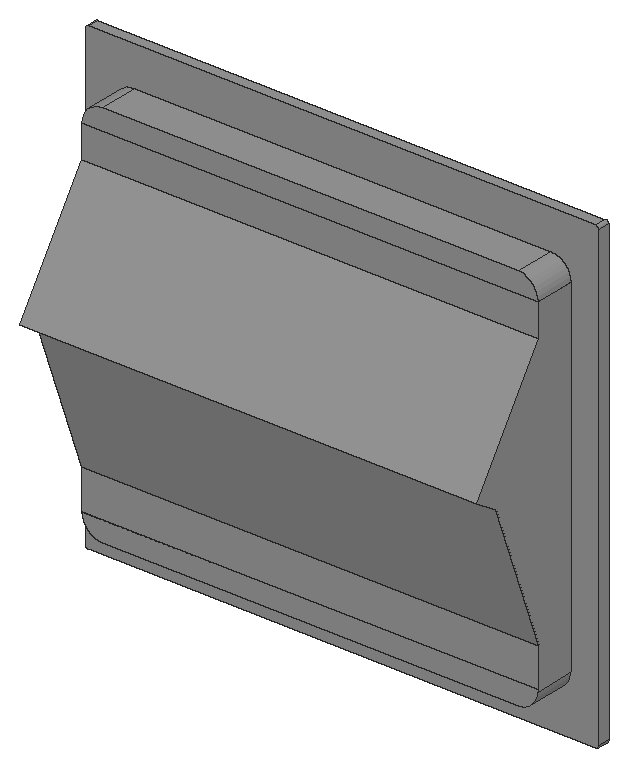
Revit family "L&L_LUCE&LIGHT_PASITO_1.1", category Lighting Fixtures, host Wall, Revit 2018 (continued)
Parameters (values of type "PASITO_1.1 – 60°")
    0.00 \r\n0.00 0.00 0.00 0.00 0.00 0.00 0.00 0.00 0.00 0.00 0.00 \r\n0.00 0.00 0.00 0.00 0.00 0.00 0.00 0.00 0.00 0.00 0.00 \r\n0.00 0.00 0.00 0.00 0.00 0.00 0.00 0.00 0.00 0.00 0.00 \r\n0.00 0.00 0.00 0.01 0.02 \r\n0.07 0.05 0.02 0.00 0.00 0.00 0.00 0.00 0.00 0.00 0.00 \r\n0.00 0.00 0.00 0.00 0.00 0.00 0.00 0.00 0.00 0.00 0.00 \r\n0.00 0.00 0.00 0.00 0.00 0.00 0.00 0.00 0.00 0.00 0.00 \r\n0.00 0.00 0.00 0.00 0.00 0.00 0.00 0.00 0.00 0.00 0.00 \r\n0.00 0.00 0.00 0.00 0.00 0.00 0.00 0.00 0.00 0.00 0.00 \r\n0.00 0.00 0.00 0.00 0.00 0.00 0.00 0.00 0.00 0.00 0.00 \r\n0.00 0.00 0.00 0.00 0.00 0.00 0.00 0.00 0.00 0.00 0.00 \r\n0.00 0.00 0.00 0.00 0.00 0.00 0.00 0.00 0.00 0.00 0.00 \r\n0.00 0.00 0.00 0.00 0.00 0.00 0.00 0.00 0.00 0.00 0.00 \r\n0.00 0.00 0.00 0.00 0.00 0.00 0.00 0.00 0.00 0.00 0.00 \r\n0.00 0.00 0.00 0.00 0.00 0.00 0.00 0.00 0.00 0.00 0.00 \r\n0.00 0.00 0.00 0.00 0.00 0.00 0.00 0.00 0.00 0.00 0.00 \r\n0.00 0.00 0.00 0.00 0.00 0.00 0.00 0.00 0.00 0.00 0.00 \r\n0.00 0.00 0.00 0.00 0.00 0.00 0.00 0.00 0.00 0.00 0.00 \r\n0.00 0.00 0.00 0.00 0.00 0.00 0.00 0.00 0.00 0.00 0.00 \r\n0.00 0.00 0.00 0.00 0.00 0.00 0.00 0.00 0.00 0.00 0.00 \r\n0.00 0.00 0.01 0.01 0.02 \r\n0.07 0.05 0.04 0.02 0.00 0.00 0.00 0.00 0.00 0.00 0.00 \r\n0.00 0.00 0.00 0.00 0.00 0.00 0.00 0.00 0.00 0.00 0.00 \r\n0.00 0.00 0.00 0.00 0.00 0.00 0.00 0.00 0.00 0.00 0.00 \r\n0.00 0.00 0.00 0.00 0.00 0.00 0.00 0.00 0.00 0.00 0.00 \r\n0.00 0.00 0.00 0.00 0.00 0.00 0.00 0.00 0.00 0.00 0.00 \r\n0.00 0.00 0.00 0.00 0.00 0.00 0.00 0.00 0.00 0.00 0.00 \r\n0.00 0.00 0.00 0.00 0.00 0.00 0.00 0.00 0.00 0.00 0.00 \r\n0.00 0.00 0.00 0.00 0.00 0.00 0.00 0.00 0.00 0.00 0.00 \r\n0.00 0.00 0.00 0.00 0.00 0.00 0.00 0.00 0.00 0.00 0.00 \r\n0.00 0.00 0.00 0.00 0.00 0.00 0.00 0.00 0.00 0.00 0.00 \r\n0.00 0.00 0.00 0.00 0.00 0.00 0.00 0.00 0.00 0.00 0.00 \r\n0.00 0.00 0.00 0.00 0.00 0.00 0.00 0.00 0.00 0.00 0.00 \r\n0.00 0.00 0.00 0.00 0.00 0.00 0.00 0.00 0.00 0.00 0.00 \r\n0.00 0.00 0.00 0.00 0.00 0.00 0.00 0.00 0.00 0.00 0.00 \r\n0.00 0.00 0.00 0.00 0.00 0.00 0.00 0.00 0.00 0.00 0.00 \r\n0.00 0.00 0.00 0.00 0.00 0.00 0.00 0.00 0.00 0.00 0.00 \r\n0.00 0.01 0.01 0.02 0.02 \r\n0.07 0.06 0.05 0.03 0.02 0.01 0.00 0.00 0.00 0.00 0.00 \r\n0.00 0.00 0.00 0.00 0.00 0.00 0.00 0.00 0.00 0.00 0.00 \r\n0.00 0.00 0.00 0.00 0.00 0.00 0.00 0.00 0.00 0.00 0.00 \r\n0.00 0.00 0.00 0.00 0.00 0.00 0.00 0.00 0.00 0.00 0.00 \r\n0.00 0.00 0.00 0.00 0.00 0.00 0.00 0.00 0.00 0.00 0.00 \r\n0.00 0.00 0.00 0.00 0.00 0.00 0.00 0.00 0.00 0.00 0.00 \r\n0.00 0.00 0.00 0.00 0.00 0.00 0.00 0.00 0.00 0.00 0.00 \r\n0.00 0.00 0.00 0.00 0.00 0.00 0.00 0.00 0.00 0.00 0.00 \r\n0.00 0.00 0.00 0.00 0.00 0.00 0.00 0.00 0.00 0.00 0.00 \r\n0.00 0.00 0.00 0.00 0.00 0.00 0.00 0.00 0.00 0.00 0.00 \r\n0.00 0.00 0.00 0.00 0.00 0.00 0.00 0.00 0.00 0.00 0.00 \r\n0.00 0.00 0.00 0.00 0.00 0.00 0.00 0.00 0.00 0.00 0.00 \r\n0.00 0.00 0.00 0.00 0.00 0.00 0.00 0.00 0.00 0.00 0.00 \r\n0.00 0.00 0.00 0.00 0.00 0.00 0.00 0.00 0.00 0.00 0.00 \r\n0.00 0.00 0.00 0.00 0.00 0.00 0.00 0.00 0.00 0.00 0.00 \r\n0.00 0.00 0.00 0.00 0.00 0.00 0.00 0.00 0.00 0.00 0.00 \r\n0.01 0.01 0.02 0.02 0.02 \r\n0.07 0.07 0.06 0.05 0.04 0.04 0.03 0.02 0.02 0.01 0.01 \r\n0.00 0.00 0.00 0.00 0.00 0.00 0.00 0.00 0.00 0.00 0.00 \r\n0.00 0.00 0.00 0.00 0.00 0.00 0.00 0.00 0.00 0.00 0.00 \r\n0.00 0.00 0.00 0.00 0.00 0.00 0.00 0.00 0.00 0.00 0.00 \r\n0.00 0.00 0.00 0.00 0.00 0.00 0.00 0.00 0.00 0.00 0.00 \r\n0.00 0.00 0.00 0.00 0.00 0.00 0.00 0.00 0.00 0.00 0.00 \r\n0.00 0.00 0.00 0.00 0.00 0.00 0.00 0.00 0.00 0.00 0.00 \r\n0.00 0.00 0.00 0.00 0.00 0.00 0.00 0.00 0.00 0.00 0.00 \r\n0.00 0.00 0.00 0.00 0.00 0.00 0.00 0.00 0.00 0.00 0.00 \r\n0.00 0.00 0.00 0.00 0.00 0.00 0.00 0.00 0.00 0.00 0.00 \r\n0.00 0.00 0.00 0.00 0.00 0.00 0.00 0.00 0.00 0.00 0.00 \r\n0.00 0.00 0.00 0.00 0.00 0.00 0.00 0.00 0.00 0.00 0.00 \r\n0.00 0.00 0.00 0.00 0.00 0.00 0.00 0.00 0.00 0.00 0.00 \r\n0.00 0.00 0.00 0.00 0.00 0.00 0.00 0.00 0.00 0.00 0.00 \r\n0.00 0.00 0.00 0.00 0.00 0.00 0.00 0.00 0.00 0.00 0.00 \r\n0.00 0.00 0.00 0.00 0.00 0.00 0.01 0.01 0.01 0.01 0.02 \r\n0.02 0.02 0.02 0.02 0.02 \r\n0.07 0.07 0.07 0.07 0.07 0.07 0.07 0.07 0.07 0.07 0.07 \r\n0.07 0.07 0.07 0.08 0.08 0.08 0.08 0.08 0.09 0.09 0.09 \r\n0.09 0.09 0.10 0.10 0.10 0.10 0.11 0.11 0.11 0.11 0.11 \r\n0.12 0.12 0.12 0.12 0.13 0.13 0.13 0.13 0.14 0.14 0.14 \r\n0.14 0.15 0.15 0.15 0.15 0.15 0.16 0.16 0.16 0.16 0.17 \r\n0.17 0.17 0.17 0.17 0.17 0.18 0.18 0.18 0.18 0.18 0.18 \r\n0.19 0.19 0.19 0.19 0.19 0.19 0.19 0.19 0.20 0.20 0.20 \r\n0.20 0.20 0.20 0.20 0.20 0.21 0.21 0.21 0.21 0.21 0.21 \r\n0.21 0.21 0.22 0.22 0.22 0.22 0.22 0.22 0.22 0.22 0.22 \r\n0.22 0.22 0.22 0.22 0.22 0.22 0.22 0.22 0.22 0.22 0.21 \r\n0.21 0.21 0.21 0.21 0.21 0.20 0.20 0.20 0.20 0.19 0.19 \r\n0.19 0.19 0.18 0.18 0.18 0.18 0.18 0.17 0.17 0.17 0.17 \r\n0.16 0.16 0.16 0.15 0.15 0.15 0.14 0.14 0.14 0.13 0.13 \r\n0.13 0.12 0.12 0.11 0.11 0.11 0.10 0.10 0.09 0.09 0.09 \r\n0.08 0.08 0.08 0.07 0.07 0.07 0.06 0.06 0.06 0.06 0.05 \r\n0.05 0.05 0.05 0.04 0.04 0.04 0.04 0.04 0.04 0.04 0.04 \r\n0.04 0.03 0.03 0.02 0.02 \r\n0.07 0.07 0.08 0.09 0.10 0.11 0.12 0.14 0.15 0.16 0.17 \r\n0.18 0.21 0.25 0.30 0.35 0.39 0.43 0.47 0.53 0.60 0.66 \r\n0.73 0.80 0.87 0.94 1.00 1.05 1.11 1.18 1.24 1.30 1.35 \r\n1.40 1.45 1.49 1.53 1.58 1.62 1.66 1.70 1.73 1.74 1.76 \r\n1.76 1.77 1.78 1.78 1.78 1.78 1.78 1.80 1.83 1.85 1.89 \r\n1.93 1.97 2.00 2.03 2.05 2.07 2.08 2.08 2.08 2.07 2.06 \r\n2.07 2.07 2.08 2.09 2.09 2.09 2.08 2.07 2.06 2.04 2.04 \r\n2.02 2.00 1.98 1.96 1.94 1.91 1.87 1.84 1.80 1.76 1.72 \r\n1.68 1.64 1.60 1.56 1.52 1.49 1.46 1.43 1.41 1.38 1.36 \r\n1.34 1.32 1.30 1.28 1.25 1.23 1.21 1.19 1.17 1.14 1.12 \r\n1.10 1.08 1.06 1.04 1.02 1.00 0.98 0.96 0.95 0.93 0.92 \r\n0.90 0.88 0.87 0.85 0.83 0.81 0.80 0.78 0.77 0.75 0.73 \r\n0.72 0.69 0.67 0.66 0.64 0.63 0.61 0.60 0.58 0.57 0.55 \r\n0.53 0.51 0.49 0.48 0.46 0.44 0.43 0.41 0.40 0.38 0.36 \r\n0.35 0.33 0.31 0.30 0.28 0.27 0.25 0.24 0.22 0.21 0.19 \r\n0.18 0.17 0.15 0.14 0.13 0.12 0.11 0.10 0.10 0.09 0.08 \r\n0.07 0.05 0.04 0.03 0.02 \r\n0.07 0.08 0.09 0.11 0.15 0.20 0.25 0.33 0.41 0.49 0.61 \r\n0.73 0.88 1.03 1.19 1.33 1.45 1.57 1.66 1.71 1.75 1.80 \r\n1.88 1.98 2.13 2.36 2.60 2.87 3.22 3.59 3.99 4.46 4.96 \r\n5.47 6.01 6.55 7.08 7.59 8.11 8.58 8.98 9.32 9.61 9.84 \r\n10.01 10.14 10.25 10.31 10.32 10.30 10.28 10.26 10.25 \r\n10.27 10.32 10.37 10.42 10.45 10.46 10.47 10.47 10.47 \r\n10.46 10.45 10.44 10.44 10.42 10.41 10.39 10.36 10.32 \r\n10.27 10.19 10.09 9.97 9.83 9.68 9.51 9.33 9.13 8.91 8.68 \r\n8.43 8.17 7.91 7.64 7.38 7.12 6.86 6.59 6.30 6.00 5.68 \r\n5.34 4.96 4.56 4.12 3.68 3.27 2.91 2.64 2.50 2.40 2.34 \r\n2.30 2.27 2.24 2.21 2.18 2.15 2.12 2.09 2.06 2.03 2.01 \r\n1.98 1.95 1.92 1.89 1.86 1.83 1.79 1.76 1.72 1.69 1.66 \r\n1.63 1.60 1.56 1.53 1.50 1.46 1.42 1.38 1.34 1.31 1.27 \r\n1.23 1.20 1.17 1.13 1.10 1.07 1.03 1.00 0.96 0.93 0.89 \r\n0.86 0.83 0.80 0.77 0.73 0.70 0.67 0.64 0.61 0.58 0.55 \r\n0.52 0.49 0.46 0.44 0.41 0.38 0.35 0.32 0.29 0.27 0.24 \r\n0.22 0.20 0.18 0.16 0.14 0.12 0.10 0.07 0.05 0.03 0.02 \r\n0.07 0.08 0.10 0.15 0.22 0.37 0.53 0.72 0.90 1.11 1.32 \r\n1.50 1.64 1.71 1.79 1.89 2.06 2.32 2.65 3.09 3.57 4.12 \r\n4.70 5.33 6.00 6.75 7.57 8.55 9.55 10.63 11.71 12.90 \r\n14.20 15.61 17.09 18.54 19.99 21.40 22.87 24.28 25.58 \r\n26.72 27.52 28.13 28.50 28.67 28.74 28.69 28.54 28.33 \r\n28.09 27.86 27.66 27.43 27.21 27.00 26.77 26.57 26.42 \r\n26.28 26.14 25.97 25.77 25.53 25.25 24.96 24.66 24.35 \r\n24.04 23.73 23.41 23.07 22.71 22.32 21.92 21.49 21.05 \r\n20.59 20.11 19.60 19.08 18.52 17.94 17.34 16.72 16.08 \r\n15.42 14.75 14.07 13.38 12.69 11.98 11.27 10.55 9.81 9.05 \r\n8.28 7.52 6.78 6.08 5.47 4.94 4.51 4.17 3.93 3.82 3.77 \r\n3.72 3.66 3.61 3.55 3.49 3.44 3.39 3.33 3.27 3.20 3.14 \r\n3.07 3.01 2.95 2.89 2.82 2.76 2.70 2.63 2.57 2.52 2.46 \r\n2.40 2.34 2.28 2.22 2.15 2.09 2.03 1.97 1.91 1.86 1.80 \r\n1.75 1.70 1.64 1.59 1.54 1.48 1.43 1.38 1.32 1.27 1.22 \r\n1.17 1.12 1.07 1.02 0.97 0.92 0.88 0.83 0.78 0.74 0.69 \r\n0.65 0.61 0.57 0.54 0.49 0.45 0.42 0.38 0.34 0.31 0.27 \r\n0.24 0.21 0.17 0.13 0.09 0.06 0.04 0.02 \r\n0.07 0.08 0.12 0.19 0.39 0.63 0.89 1.16 1.40 1.61 1.70 \r\n1.81 1.98 2.34 2.84 3.40 4.06 4.83 5.66 6.54 7.48 8.51 \r\n9.76 11.19 12.71 14.24 15.79 17.47 19.48 21.65 24.09 \r\n26.69 29.50 32.53 35.61 38.60 41.40 43.92 46.09 47.84 \r\n49.02 49.76 49.99 50.04 49.93 49.83 49.56 49.28 48.87 \r\n48.51 48.10 47.69 47.22 46.71 46.21 45.68 45.17 44.60 \r\n44.02 43.42 42.79 42.16 41.54 40.91 40.28 39.64 38.95 \r\n38.26 37.56 36.84 36.11 35.39 34.66 33.90 33.12 32.32 \r\n31.52 30.71 29.88 29.03 28.16 27.28 26.38 25.46 24.51 \r\n23.53 22.53 21.50 20.45 19.41 18.36 17.33 16.31 15.31 \r\n14.31 13.32 12.35 11.41 10.50 9.66 8.87 8.16 7.52 6.96 \r\n6.49 6.13 5.85 5.66 5.51 5.39 5.28 5.17 5.06 4.94 4.82 \r\n4.71 4.60 4.50 4.40 4.30 4.20 4.11 4.01 3.91 3.81 3.71 \r\n3.61 3.52 3.42 3.33 3.24 3.16 3.08 3.00 2.92 2.83 2.75 \r\n2.66 2.58 2.51 2.43 2.35 2.26 2.18 2.10 2.02 1.95 1.88 \r\n1.81 1.74 1.67 1.60 1.53 1.46 1.39 1.32 1.25 1.19 1.13 \r\n1.07 1.01 0.95 0.89 0.82 0.76 0.70 0.65 0.60 0.55 0.50 \r\n0.46 0.41 0.36 0.32 0.27 0.22 0.17 0.11 0.07 0.04 0.02 \r\n0.07 0.08 0.13 0.30 0.58 0.92 1.25 1.52 1.69 1.84 2.11 \r\n2.59 3.24 3.98 4.86 5.89 7.07 8.35 9.74 11.33 13.15 15.15 \r\n17.27 19.49 22.04 24.97 28.23 31.67 35.16 38.95 43.02 \r\n47.07 50.68 53.52 55.72 57.33 58.24 58.71 58.99 59.27 \r\n59.51 59.63 59.59 59.42 59.18 58.91 58.61 58.28 57.89 \r\n57.44 56.96 56.44 55.85 55.24 54.61 53.99 53.33 52.62 \r\n51.88 51.14 50.41 49.67 48.91 48.09 47.23 46.36 45.50 \r\n44.63 43.76 42.87 41.95 41.01 40.06 39.11 38.15 37.17 \r\n36.18 35.16 34.12 33.06 31.98 30.89 29.77 28.64 27.49 \r\n26.35 25.20 24.06 22.93 21.83 20.75 19.71 18.70 17.72 \r\n16.76 15.82 14.91 14.03 13.18 12.39 11.66 10.99 10.36 \r\n9.78 9.23 8.73 8.26 7.84 7.49 7.20 6.97 6.80 6.66 6.53 \r\n6.39 6.25 6.09 5.93 5.78 5.64 5.51 5.38 5.24 5.10 4.97 \r\n4.84 4.73 4.61 4.49 4.36 4.23 4.11 3.99 3.87 3.76 3.65 \r\n3.54 3.43 3.33 3.23 3.13 3.03 2.92 2.81 2.71 2.62 2.52 \r\n2.42 2.32 2.22 2.13 2.04 1.95 1.87 1.78 1.69 1.61 1.52 \r\n1.44 1.36 1.27 1.19 1.12 1.05 0.98 0.90 0.83 0.75 0.68 \r\n0.62 0.57 0.51 0.46 0.39 0.33 0.27 0.20 0.14 0.08 0.04 \r\n0.02 \r\n0.07 0.09 0.15 0.40 0.79 1.21 1.53 1.73 1.93 2.38 3.10 \r\n3.95 4.92 6.12 7.58 9.26 11.07 13.06 15.34 17.90 20.66 \r\n23.65 27.05 30.98 35.29 39.92 44.97 50.20 54.97 58.85 \r\n61.82 63.95 65.28 66.07 66.70 67.34 67.92 68.35 68.65 \r\n68.86 69.03 69.17 69.19 69.06 68.90 68.71 68.45 68.12 \r\n67.71 67.25 66.73 66.13 65.48 64.81 64.14 63.40 62.59 \r\n61.73 60.85 59.94 59.01 58.05 57.09 56.10 55.10 54.06 \r\n52.99 51.89 50.77 49.64 48.50 47.33 46.12 44.90 43.64 \r\n42.37 41.09 39.78 38.46 37.11 35.75 34.37 32.98 31.59 \r\n30.20 28.84 27.51 26.23 24.99 23.82 22.69 21.63 20.62 \r\n19.65 18.72 17.82 16.94 16.10 15.29 14.52 13.80 13.12 \r\n12.50 11.94 11.43 10.97 10.52 10.09 9.67 9.27 8.89 8.55 \r\n8.27 8.05 7.87 7.71 7.55 7.38 7.20 7.03 6.86 6.67 6.49 \r\n6.33 6.18 6.01 5.84 5.68 5.52 5.37 5.23 5.10 4.96 4.80 \r\n4.64 4.50 4.36 4.23 4.09 3.95 3.81 3.69 3.56 3.44 3.32 \r\n3.21 3.10 2.98 2.86 2.75 2.63 2.52 2.39 2.27 2.16 2.05 \r\n1.95 1.86 1.76 1.66 1.56 1.46 1.36 1.26 1.17 1.09 1.00 \r\n0.92 0.84 0.75 0.68 0.61 0.54 0.47 0.40 0.32 0.24 0.16 \r\n0.09 0.05 0.02 \r\n0.07 0.09 0.20 0.54 1.00 1.43 1.70 1.95 2.49 3.34 4.40 \r\n5.63 7.15 9.00 11.06 13.24 15.82 18.87 22.22 25.93 30.28 \r\n35.32 40.82 46.65 52.85 58.66 63.48 67.04 69.59 71.29 \r\n72.49 73.64 74.82 75.87 76.73 77.45 78.13 78.77 79.29 \r\n79.70 80.08 80.39 80.56 80.61 80.58 80.47 80.32 80.10 \r\n79.77 79.30 78.73 78.11 77.45 76.76 75.99 75.14 74.19 \r\n73.24 72.27 71.26 70.18 69.03 67.82 66.60 65.33 64.00 \r\n62.63 61.24 59.84 58.42 56.94 55.41 53.83 52.21 50.57 \r\n48.90 47.20 45.48 43.72 41.93 40.12 38.32 36.55 34.81 \r\n33.14 31.52 29.99 28.53 27.16 25.88 24.67 23.55 22.50 \r\n21.51 20.56 19.64 18.76 17.91 17.11 16.36 15.66 15.01 \r\n14.40 13.84 13.31 12.83 12.38 11.97 11.58 11.20 10.81 \r\n10.41 10.03 9.68 9.38 9.13 8.91 8.70 8.52 8.34 8.13 7.91 \r\n7.71 7.53 7.34 7.15 6.96 6.78 6.58 6.39 6.21 6.04 5.88 \r\n5.71 5.54 5.37 5.21 5.04 4.86 4.69 4.53 4.37 4.23 4.08 \r\n3.93 3.78 3.63 3.50 3.37 3.24 3.10 2.97 2.83 2.70 2.56 \r\n2.42 2.29 2.17 2.05 1.94 1.83 1.71 1.61 1.50 1.38 1.27 \r\n1.17 1.07 0.98 0.89 0.79 0.70 0.62 0.54 0.46 0.36 0.27 \r\n0.19 0.11 0.05 0.02 \r\n0.07 0.09 0.25 0.67 1.20 1.59 1.88 2.36 3.27 4.50 5.94 \r\n7.70 9.84 12.15 14.73 17.97 21.67 25.80 30.74 36.59 43.05 \r\n49.70 56.54 63.15 68.57 72.49 75.02 76.81 78.62 80.45 \r\n82.12 83.67 85.07 86.40 87.68 88.81 89.79 90.69 91.59 \r\n92.41 92.98 93.43 93.85 94.14 94.29 94.39 94.44 94.38 \r\n94.19 93.86 93.40 92.85 92.26 91.59 90.83 89.96 89.01 \r\n88.01 86.94 85.70 84.35 82.93 81.48 79.98 78.42 76.81 \r\n75.14 73.38 71.52 69.58 67.59 65.56 63.50 61.37 59.18 \r\n56.93 54.60 52.22 49.81 47.39 45.00 42.66 40.40 38.24 \r\n36.21 34.30 32.52 30.87 29.35 27.95 26.65 25.46 24.35 \r\n23.30 22.31 21.36 20.45 19.59 18.78 18.03 17.32 16.66 \r\n16.04 15.47 14.93 14.44 13.99 13.58 13.20 12.84 12.48 \r\n12.09 11.69 11.27 10.86 10.51 10.22 9.97 9.73 9.50 9.30 \r\n9.11 8.90 8.67 8.45 8.23 8.02 7.80 7.59 7.39 7.17 6.97 \r\n6.78 6.59 6.39 6.18 5.99 5.81 5.63 5.44 5.25 5.07 4.89 \r\n4.70 4.52 4.36 4.20 4.03 3.85 3.70 3.56 3.41 3.25 3.08 \r\n2.93 2.80 2.66 2.51 2.35 2.21 2.09 1.96 1.83 1.70 1.58 \r\n1.46 1.33 1.22 1.12 1.01 0.91 0.80 0.70 0.61 0.51 0.41 \r\n0.31 0.21 0.12 0.05 0.02 \r\n0.07 0.09 0.30 0.80 1.36 1.72 2.13 2.92 4.21 5.81 7.70 \r\n10.00 12.53 15.53 19.24 23.37 28.38 34.40 41.21 48.52 \r\n56.10 63.97 70.81 75.71 78.56 80.85 83.27 85.70 88.07 \r\n90.27 92.15 94.05 95.99 97.81 99.53 101.14 102.48 103.72 \r\n105.10 106.36 107.32 108.08 108.85 109.50 109.95 110.24 \r\n110.43 110.61 110.70 110.58 110.30 109.93 109.44 108.85 \r\n108.18 107.33 106.30 105.18 104.03 102.84 101.51 99.96 \r\n98.28 96.54 94.64 92.62 90.55 88.38 86.07 83.63 81.06 \r\n78.35 75.52 72.58 69.52 66.35 63.09 59.78 56.45 53.18 \r\n50.03 47.04 44.22 41.61 39.20 36.99 34.98 33.15 31.49 \r\n29.97 28.58 27.30 26.10 24.99 23.93 22.93 21.98 21.10 \r\n20.27 19.50 18.78 18.11 17.48 16.90 16.35 15.83 15.36 \r\n14.92 14.53 14.18 13.85 13.53 13.19 12.80 12.37 11.94 \r\n11.53 11.18 10.88 10.61 10.36 10.13 9.91 9.69 9.46 9.23 \r\n9.00 8.77 8.53 8.31 8.08 7.86 7.64 7.41 7.19 6.99 6.74 \r\n6.52 6.35 6.13 5.90 5.72 5.53 5.31 5.12 4.92 4.71 4.53 \r\n4.35 4.16 3.98 3.81 3.66 3.50 3.33 3.15 2.98 2.82 2.68 \r\n2.52 2.34 2.19 2.05 1.91 1.77 1.64 1.50 1.37 1.25 1.13 \r\n1.02 0.90 0.78 0.67 0.56 0.45 0.34 0.23 0.13 0.06 0.02 \r\n0.07 0.10 0.34 0.93 1.49 1.84 2.42 3.59 5.22 7.17 9.50 \r\n12.23 15.45 19.47 24.01 29.56 36.25 43.65 51.96 60.90 \r\n69.29 75.83 80.04 82.99 85.92 88.99 91.88 94.60 97.21 \r\n99.97 102.65 105.06 107.33 109.63 111.73 113.78 115.85 \r\n117.63 119.20 120.80 122.32 123.59 124.60 125.61 126.52 \r\n127.08 127.46 127.79 128.04 128.25 128.38 128.26 127.95 \r\n127.55 126.93 126.17 125.32 124.29 123.07 121.74 120.27 \r\n118.60 116.72 114.69 112.57 110.31 107.84 105.18 102.33 \r\n99.28 96.01 92.52 88.84 84.94 80.77 76.42 71.99 67.55 \r\n63.19 58.98 55.01 51.33 47.96 44.90 42.13 39.63 37.39 \r\n35.36 33.54 31.89 30.40 29.03 27.77 26.59 25.48 24.42 \r\n23.42 22.48 21.61 20.80 20.05 19.35 18.71 18.12 17.56 \r\n17.05 16.56 16.11 15.69 15.30 14.95 14.62 14.31 14.01 \r\n13.66 13.26 12.83 12.40 12.01 11.66 11.37 11.10 10.85 \r\n10.62 10.38 10.12 9.87 9.64 9.40 9.15 8.89 8.66 8.42 8.19 \r\n7.93 7.69 7.48 7.24 7.00 6.75 6.53 6.33 6.08 5.88 5.69 \r\n5.44 5.22 5.00 4.80 4.62 4.42 4.20 4.00 3.82 3.65 3.48 \r\n3.31 3.13 2.95 2.78 2.61 2.43 2.25 2.09 1.95 1.80 1.66 \r\n1.52 1.37 1.24 1.11 0.99 0.85 0.72 0.60 0.49 0.36 0.25 \r\n0.14 0.06 0.02 \r\n0.07 0.10 0.40 1.04 1.57 1.97 2.77 4.28 6.18 8.50 11.27 \r\n14.44 18.67 23.42 29.25 36.36 44.27 53.50 63.34 72.02 \r\n78.47 83.12 86.53 89.91 93.35 96.62 99.97 103.41 106.65 \r\n109.62 112.63 115.78 118.54 121.39 124.16 126.66 129.14 \r\n131.37 133.58 135.72 137.47 139.02 140.50 141.82 143.01 \r\n144.03 144.83 145.52 146.00 146.39 146.78 146.88 146.76 \r\n146.55 146.14 145.47 144.64 143.71 142.51 141.07 139.54 \r\n137.82 135.79 133.58 131.21 128.53 125.53 122.32 118.87 \r\n115.09 110.98 106.55 101.79 96.70 91.35 85.82 80.24 74.71 \r\n69.37 64.33 59.64 55.35 51.48 48.01 44.91 42.15 39.68 \r\n37.48 35.49 33.72 32.11 30.66 29.31 28.06 26.88 25.76 \r\n24.71 23.73 22.81 21.96 21.19 20.47 19.80 19.17 18.59 \r\n18.06 17.57 17.11 16.68 16.29 15.93 15.58 15.23 14.93 \r\n14.67 14.36 13.98 13.54 13.08 12.66 12.30 11.96 11.66 \r\n11.42 11.19 10.93 10.66 10.39 10.15 9
